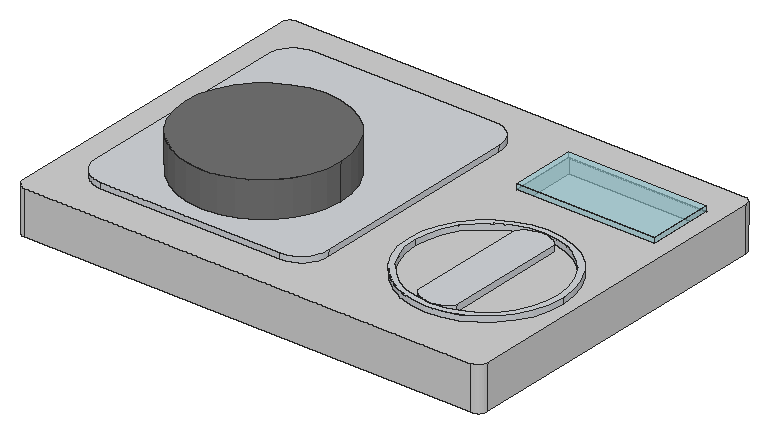
Revit family "Building-ConnessioniIEC309-GEWISS-44IB-PRESE-INTERBLOCCATE_IP44_SENZA_FONDO", category Apparecchi elettrici, host Superficie, Revit 2019
Family settings
  Host = Superficie
  Mantenere orientamento annotazione = Sì
  Quota connettore circolare = Usa diametro
  Tipo di parte = Normale
  Taglio con vuoti quando caricato = No
  Condiviso = No
  Punto di calcolo locali = Sì
Parameters (values of type "GW66122 - PRESA BL.OR.S.F.3P+N+T 32A 500V 7H SBF")
  visibilita posizionamento 2d [instance] = yes
  simbolo acceso [instance] = yes
  oggetto in pianta [instance] = not(visibilita posizionamento 2d)  # no
  distanza_simbolo [instance] = 1 mm
  distanza dal piano [instance] = 10 mm
  W = 115 mm  # constant formula
  Voltaggio = 0 V
  Versione file RFA = "21.4"
  VETRO = Vetro
  URL = "https://www.gewiss.com/it/it"
  Tipologia = "Orizzontale"
  Termopressione con biglia = "125 °C"
  Tensione nominale = "480-500V"
  Temperatura di utilizzo = "-25 +40 °C"
  Temperatura di funzionamento = "-25 ÷ +40 °C"
  Spostamento_effettivo_S [instance] = 4000 mm - Spostamento_S  # 3500 mm
  Spostamento_S = 500 mm
  Simbolo circuito [instance] = not(simbolo acceso)  # no
  Scheda Tecnica = "https://www.gewiss.com/it/it/search?q=GW66122"
  STRUTTURA ALTA = blue
  STRUTTURA = RAL - 7035
  SEO = "Presa"
  Riferimento h = "7"
  Resistenza agli urti = "IK08"
  Protezione = "NO (SBF)"
  Default Elevation = 1219.2 mm
  Produttore = "GEWISS S.p.A."
  PRESA = Giallo
  POMELLO = bianco
  Numero di poli = "3P+N+T"
  N_poli = 1
  N. poli = "3P+N+T"
  Modello = "GW66122"
  L = 155 mm  # constant formula
  Immagine tipo = IP44.jpg
  IDT = "ec1a1901-e242-435b-8cd0-c029da0151fc"
  IDF = "b5e108ce-eac4-4d9b-86d5-12d88718e221"
  Grado di protezione = "IP44"
  Glow wire test: = "850 °C (Parti attive) - 650 °C (Parti passive)"
  Glow Wire Test = "850 °C (Parti attive) - 650 °C (Parti passive)"
  Frequenza nominale (Hz) = "50/60 Hz"
  Frequenza = "50/60 Hz"
  FORMULA = 1000 mm * 1  # 1000 mm
  Descrizione = "PRESA BL.OR.S.F.3P+N+T 32A 500V 7H SBF"
  Creato da GEWISS S.p.A. = ""
  Corrente nominale (In) = "32"
  Corrente nominale (A) = "32"
  Con fondo = "No"
  Colore: = "Nero"
  Colore = "Nero"
  Codice Electrocod = "2220"
  Codice EAN = "8011564029286"
  Catalogo Serie = "44 IB"
  Catalogo = "BUILDING"
  COBie.Tagnumber = ""
  COBie.CreatedOn = ""
  COBie.CreatebBy = ""
  COBie.ComponentRegisterItemID = ""
  COBie.Component.TagNumber = ""
  COBie.Component.Space = ""
  COBie.Component.SerialNumber = ""
  COBie.Component.InstallationDate = ""
  COBie.Component.Description = ""
  COBie.Component.BarCode = ""
  BLOCCO = "B=C"
Types (22, lengths in mm): name | Tensione nominale | Scheda Tecnica | Riferimento h | Numero di poli | N. poli | Modello | IDT | Descrizione | Corrente nominale (In) | Corrente nominale (A) | Colore: | Colore | Codice EAN
  GW66101 - PRESA BL.OR.S.F.2P+T 16A 110V 4H SBF | "100-130V" | "https://www.gewiss.com/it/it/search?q=GW66101" | "4" | "2P+T" | "2P+T" | "GW66101" | "2c57154b-6e8f-4376-a74e-49afbf6dba93" | "PRESA BL.OR.S.F.2P+T 16A 110V 4H SBF" | "16" | "16" | "Giallo" | "Giallo" | "8011564029071"
  GW66102 - PRESA BL.OR.S.F.3P+T 16A 110V 4H SBF | "100-130V" | "https://www.gewiss.com/it/it/search?q=GW66102" | "4" | "3P+T" | "3P+T" | "GW66102" | "2e4dcdfe-6199-4545-9901-9bd4a19a4244" | "PRESA BL.OR.S.F.3P+T 16A 110V 4H SBF" | "16" | "16" | "Giallo" | "Giallo" | "8011564029088"
  GW66103 - PRESA BL.OR.S.F.3P+N+T 16A 110V 4H SBF | "100-130V" | "https://www.gewiss.com/it/it/search?q=GW66103" | "4" | "3P+N+T" | "3P+N+T" | "GW66103" | "0e5336a2-8baf-4959-8192-12b888eb230a" | "PRESA BL.OR.S.F.3P+N+T 16A 110V 4H SBF" | "16" | "16" | "Giallo" | "Giallo" | "8011564029095"
  GW66104 - PRESA BL.OR.S.F.2P+T 16A 230V 6H SBF | "200-250V" | "https://www.gewiss.com/it/it/search?q=GW66104" | "6" | "2P+T" | "2P+T" | "GW66104" | "faebfb30-8dbf-4413-992a-bb2ae1c264e7" | "PRESA BL.OR.S.F.2P+T 16A 230V 6H SBF" | "16" | "16" | "Blu" | "Blu" | "8011564029101"
  GW66105 - PRESA BL.OR.S.F.3P+T 16A 230V 9H SBF | "200-250V" | "https://www.gewiss.com/it/it/search?q=GW66105" | "9" | "3P+T" | "3P+T" | "GW66105" | "81b5f5ee-9308-41bc-b5f0-8b8ad92b0aaa" | "PRESA BL.OR.S.F.3P+T 16A 230V 9H SBF" | "16" | "16" | "Blu" | "Blu" | "8011564029118"
  GW66106 - PRESA BL.OR.S.F.3P+N+T 16A 230V 9H SBF | "200-250V" | "https://www.gewiss.com/it/it/search?q=GW66106" | "9" | "3P+N+T" | "3P+N+T" | "GW66106" | "3ba0a6b4-9b79-41e2-859e-a0e4b9216ad2" | "PRESA BL.OR.S.F.3P+N+T 16A 230V 9H SBF" | "16" | "16" | "Blu" | "Blu" | "8011564029125"
  GW66107 - PRESA BL.OR.S.F.2P+T 16A 400V 9H SBF | "380-415V" | "https://www.gewiss.com/it/it/search?q=GW66107" | "9" | "2P+T" | "2P+T" | "GW66107" | "2c082bb2-9b14-4527-90ca-9b3a4cddb2d8" | "PRESA BL.OR.S.F.2P+T 16A 400V 9H SBF" | "16" | "16" | "Rosso" | "Rosso" | "8011564029132"
  GW66108 - PRESA BL.OR.S.F.3P+T 16A 400V 6H SBF | "380-415V" | "https://www.gewiss.com/it/it/search?q=GW66108" | "6" | "3P+T" | "3P+T" | "GW66108" | "af3b7597-9b04-4bd2-8853-f24eeaf5e48f" | "PRESA BL.OR.S.F.3P+T 16A 400V 6H SBF" | "16" | "16" | "Rosso" | "Rosso" | "8011564029149"
  GW66109 - PRESA BL.OR.S.F.3P+N+T 16A 400V 6H SBF | "380-415V" | "https://www.gewiss.com/it/it/search?q=GW66109" | "6" | "3P+N+T" | "3P+N+T" | "GW66109" | "fc1599a9-e022-48eb-bcb1-8fa93df7b1e3" | "PRESA BL.OR.S.F.3P+N+T 16A 400V 6H SBF" | "16" | "16" | "Rosso" | "Rosso" | "8011564029156"
  GW66110 - PRESA BL.OR.S.F.3P+T 16A 500V 7H SBF | "480-500V" | "https://www.gewiss.com/it/it/search?q=GW66110" | "7" | "3P+T" | "3P+T" | "GW66110" | "e0f76f22-e4a4-4e83-9e50-8da0e47f48b1" | "PRESA BL.OR.S.F.3P+T 16A 500V 7H SBF" | "16" | "16" | "Nero" | "Nero" | "8011564029163"
  GW66111 - PRESA BL.OR.S.F.3P+N+T 16A 500V 7H SBF | "480-500V" | "https://www.gewiss.com/it/it/search?q=GW66111" | "7" | "3P+N+T" | "3P+N+T" | "GW66111" | "903b2cdf-f064-43a9-9ae1-8c35cb1cb176" | "PRESA BL.OR.S.F.3P+N+T 16A 500V 7H SBF" | "16" | "16" | "Nero" | "Nero" | "8011564029170"
  GW66112 - PRESA BL.OR.S.F.2P+T 32A 110V 4H SBF | "100-130V" | "https://www.gewiss.com/it/it/search?q=GW66112" | "4" | "2P+T" | "2P+T" | "GW66112" | "749920ba-19e1-47a4-a17a-b0e2217c7bad" | "PRESA BL.OR.S.F.2P+T 32A 110V 4H SBF" | "32" | "32" | "Giallo" | "Giallo" | "8011564029187"
  GW66113 - PRESA BL.OR.S.F.3P+T 32A 110V 4H SBF | "100-130V" | "https://www.gewiss.com/it/it/search?q=GW66113" | "4" | "3P+T" | "3P+T" | "GW66113" | "c88273c0-7f52-4e46-a9a1-7f2195d0b7ec" | "PRESA BL.OR.S.F.3P+T 32A 110V 4H SBF" | "32" | "32" | "Giallo" | "Giallo" | "8011564029194"
  GW66114 - PRESA BL.OR.S.F.3P+N+T 32A 110V 4H SBF | "100-130V" | "https://www.gewiss.com/it/it/search?q=GW66114" | "4" | "3P+N+T" | "3P+N+T" | "GW66114" | "2264f94a-7d95-4e36-bee5-84696e94de13" | "PRESA BL.OR.S.F.3P+N+T 32A 110V 4H SBF" | "32" | "32" | "Giallo" | "Giallo" | "8011564029200"
  GW66115 - PRESA BL.OR.S.F.2P+T 32A 230V 6H SBF | "200-250V" | "https://www.gewiss.com/it/it/search?q=GW66115" | "6" | "2P+T" | "2P+T" | "GW66115" | "47a8f7f1-c2bc-428f-a89f-26416ded35eb" | "PRESA BL.OR.S.F.2P+T 32A 230V 6H SBF" | "32" | "32" | "Blu" | "Blu" | "8011564029217"
  GW66116 - PRESA BL.OR.S.F.3P+T 32A 230V 9H SBF | "200-250V" | "https://www.gewiss.com/it/it/search?q=GW66116" | "9" | "3P+T" | "3P+T" | "GW66116" | "20c6167c-6b5c-4afd-aac7-f67b2c8f6ac6" | "PRESA BL.OR.S.F.3P+T 32A 230V 9H SBF" | "32" | "32" | "Blu" | "Blu" | "8011564029224"
  GW66117 - PRESA BL.OR.S.F.3P+N+T 32A 230V 9H SBF | "200-250V" | "https://www.gewiss.com/it/it/search?q=GW66117" | "9" | "3P+N+T" | "3P+N+T" | "GW66117" | "47a486cd-2530-4901-b8a5-b20901af88fe" | "PRESA BL.OR.S.F.3P+N+T 32A 230V 9H SBF" | "32" | "32" | "Blu" | "Blu" | "8011564029231"
  GW66118 - PRESA BL.OR.S.F.2P+T 32A 400V 9H SBF | "380-415V" | "https://www.gewiss.com/it/it/search?q=GW66118" | "9" | "2P+T" | "2P+T" | "GW66118" | "d1a211ec-03be-4af2-b4f9-57595c497a65" | "PRESA BL.OR.S.F.2P+T 32A 400V 9H SBF" | "32" | "32" | "Rosso" | "Rosso" | "8011564029248"
  GW66119 - PRESA BL.OR.S.F.3P+T 32A 400V 6H SBF | "380-415V" | "https://www.gewiss.com/it/it/search?q=GW66119" | "6" | "3P+T" | "3P+T" | "GW66119" | "a2350075-c39d-4262-98a6-6289c475db69" | "PRESA BL.OR.S.F.3P+T 32A 400V 6H SBF" | "32" | "32" | "Rosso" | "Rosso" | "8011564029255"
  GW66120 - PRESA BL.OR.S.F.3P+N+T 32A 400V 6H SBF | "380-415V" | "https://www.gewiss.com/it/it/search?q=GW66120" | "6" | "3P+N+T" | "3P+N+T" | "GW66120" | "5a64aadd-fef6-49dc-9dc0-17085a4eb21a" | "PRESA BL.OR.S.F.3P+N+T 32A 400V 6H SBF" | "32" | "32" | "Rosso" | "Rosso" | "8011564029262"
  GW66121 - PRESA BL.OR.S.F.3P+T 32A 500V 7H SBF | "480-500V" | "https://www.gewiss.com/it/it/search?q=GW66121" | "7" | "3P+T" | "3P+T" | "GW66121" | "557280e8-54a0-4450-88e5-b21a67709d85" | "PRESA BL.OR.S.F.3P+T 32A 500V 7H SBF" | "32" | "32" | "Nero" | "Nero" | "8011564029279"
  GW66122 - PRESA BL.OR.S.F.3P+N+T 32A 500V 7H SBF | "480-500V" | "https://www.gewiss.com/it/it/search?q=GW66122" | "7" | "3P+N+T" | "3P+N+T" | "GW66122" | "ec1a1901-e242-435b-8cd0-c029da0151fc" | "PRESA BL.OR.S.F.3P+N+T 32A 500V 7H SBF" | "32" | "32" | "Nero" | "Nero" | "8011564029286"
Reference planes
  plane 1 "Centro (Fronte/Retro)": y = 0
  plane 2: z = 0
  plane 3 "Centro (Sinistra/Destra)": x = 0
  plane 4: x = -3000
  plane 5: x = 500
  plane 6: through (-313.07, 66.247, 1219.2) normal (0.9397, -0.342, 0)
  plane 7: through (-499.796, -177.063, 1219.2) normal (0.342, 0.9397, 0)
  plane 8: through (528.128, 342.051, 1219.2) normal (0.9397, -0.342, 0)
  plane 9: x = -77.5
  plane 10: x = 77.5
  plane 11: y = -57.5
  plane 12: y = 57.5
  plane 13: z = 10
Forms (mm)
  Extrusion 1, solid, detail levels coarse
    sketch origin (-117, 0, 0) x (1, 0, 0) y (0, 1, 0)
      loop
        line (39.5, 57.5) -> (39.5, -57.5) -> (194.5, -57.5) -> (194.5, 57.5) -> (39.5, 57.5)
    from 10 to 37
Lines and regions (mm)
  symbolic lines, visible <- "visibilita posizionamento 2d"
    curve 1: line (-77.5, 0, 10.956) -> (-77.5, 0, 34.5)
    curve 2: line (-77.5, 0, 34.5) -> (77.5, 0, 34.5)
    curve 3: line (77.5, 0, 34.5) -> (77.5, 0, 10.956)
  symbolic lines, visible <- "visibilita posizionamento 2d", not visible
    curve 4: line (-77.5, 0, 0.956) -> (-77.5, 0, 24.5)
    curve 5: line (-77.5, 0, 24.5) -> (77.5, 0, 24.5)
    curve 6: line (77.5, 0, 24.5) -> (77.5, 0, 0.956)
  symbolic lines
    curve 7: line (-77.5, 0, 10.956) -> (77.5, 0, 10.956)
  symbolic lines, not visible
    curve 8: line (-77.5, 0, 0.956) -> (77.5, 0, 0.956)
Text (mm)
  text "B=C*D" at (190.064, 99.613, 0), in view "Livello rif."
Dimensions and locks
  plane 4 to plane 3 "Centro (Sinistra/Destra)" = 3000 mm
  "Spostamento_effettivo_S": plane 4 to plane 5
  equal spacing: plane 9, plane 3 "Centro (Sinistra/Destra)", plane 10
  equal spacing: plane 12, plane 1 "Centro (Fronte/Retro)", plane 11
  "L": plane 9 to plane 10
  "W": plane 12 to plane 11
  "distanza dal piano": plane 13 to plane 2
  angle plane 6 to plane 5 = 20.00°
  angle plane 7 to plane 1 "Centro (Fronte/Retro)" = 20.00°
  angle plane 8 to plane 7 = 90.00°
  aligned and locked: plane 2 to host face
  aligned and locked: level to host face
  aligned and locked: nested 1 to plane 5
  aligned and locked: plane 1 "Centro (Fronte/Retro)" to nested 2
  aligned and locked: plane 9 to Extrusion 1
  aligned and locked: Extrusion 1 to plane 10
  aligned and locked: plane 12 to Extrusion 1
  aligned and locked: Extrusion 1 to plane 11
  aligned and locked: Extrusion 1 to plane 13
  aligned and locked: plane 3 "Centro (Sinistra/Destra)" to nested 2
  aligned and locked: plane 5 to nested 3
  aligned and locked: Extrusion 1 to nested 2
  aligned and locked: curve 1 to plane 9
  aligned and locked: plane 10 to curve 3
Automatic sketch dimensions
  host sketch curve to host sketch curve = 2438.4 mm  (x2)
  Extrusion 1 sketch curve to plane 3 "Centro (Sinistra/Destra)" = 77.5 mm
  plane 3 "Centro (Sinistra/Destra)" to Extrusion 1 sketch curve = 77.5 mm
  plane 1 "Centro (Fronte/Retro)" to Extrusion 1 sketch curve = 57.5 mm
  Extrusion 1 sketch curve to plane 1 "Centro (Fronte/Retro)" = 57.5 mm
  curve 3 to curve 2 = 23.544 mm
  curve 1 to curve 3 = 155 mm
  curve 6 to curve 5 = 23.544 mm
  curve 4 to curve 6 = 155 mm
Nested families
  nested 1: "PRESAINDPFUS" at (500, 247.795, 0), SIMBOLO ACCESO <- "simbolo acceso", Distanza dal muro <- "distanza_simbolo", visible <- "simbolo acceso", type "3P"
    with SIMBOLO ACCESO yes, Distanza dal muro 1 mm, BORDO ACCESO yes
  nested 2: "base_44IB PRESE INTERBLOC ORIZ NO FONDO IP44" at (0, 0, 10), type "base_44IB PRESE INTERBLOC ORIZ NO FONDO IP44", detail levels medium+fine
  nested 3: "simbolo_circuitoGW66201N" at (500.924, 249.682, 0), Distanza dal muro <- "distanza_simbolo", visible <- "Simbolo circuito", type "3P"
    with SIMBOLO ACCESO yes, Distanza dal muro 1 mm, BORDO ACCESO yes
Connectors
  electrical at (0, -57.5, 23.5), driven by "N_poli", driven by "Voltaggio"
    settings: on Extrusion 1, index 1, voltage 0 V, apparent load 0 VA, apparent load phase1 0 VA, apparent load phase2 0 VA, apparent load phase3 0 VA, power factor 1, load classification "Altro", number of poles 1, system type 31, power factor state 1, is connector primary yes, connector utility no, sub classification motor no, connector description ""
Definition of nested family "base_44IB PRESE INTERBLOC ORIZ NO FONDO IP44"
  Parameters (values of type "base_44IB PRESE INTERBLOC ORIZ NO FONDO IP44")
    Vetro = none
    Struttura = none
    Spessore = 160 mm
    Default Elevation = 14 mm
    Presa = none
    Lunghezza = 155 mm  # constant formula
    IFC.TypeObject = ""
    IFC.ExportType = ""
    IFC.ExportAs = ""
    H_da terra = 586.883 mm
    COBie.CreatedOn = ""
    COBie.CreatebBy = ""
    COBie.ComponentRegisterItemID = ""
    COBie.Component.TagNumber = ""
    COBie.Component.Space = ""
    COBie.Component.SerialNumber = ""
    COBie.Component.InstallationDate = ""
    COBie.Component.Description = ""
    COBie.Component.BarCode = ""
    Altezza = 115 mm  # constant formula
  Reference planes
    plane 1 "Centro (Fronte/Retro)": y = 0
    plane 2: z = 0
    plane 3 "Centro (Sinistra/Destra)": x = 0
    plane 4: z = 27
    plane 5: x = -74.75
    plane 6: x = -77.5
    plane 7: x = 74.75
    plane 8: x = 77.5
    plane 9: y = 57.5
    plane 10: y = -57.5
    plane 11: y = 42.91
    plane 12: y = 21.876
    plane 13: y = -42.91
    plane 14: x = 9.502
    plane 15: x = -65.25
    plane 16: x = -28.836
    plane 17: y = -12.5
    plane 18: z = 0
    plane 19: z = 15.758
    plane 20: z = 14
    plane 21: z = 9.424
  Forms (mm)
    Extrusion 1, solid, material <- "Struttura"
      sketch origin (0, -661.883, 0) x (1, 0, 0) y (0, 1, 0)
        loop
          line (-74.75, 713.634) -> (-74.75, 610.133)
          arc (-74.75, 610.133) -> (-73.872, 608.012) -> (-71.751, 607.133) r 3
          line (-71.751, 607.133) -> (71.751, 607.133)
          arc (71.751, 607.133) -> (73.872, 608.012) -> (74.75, 610.133) r 3
          line (74.75, 610.133) -> (74.75, 713.634)
          arc (74.75, 713.634) -> (73.872, 715.755) -> (71.751, 716.633) r 3
          line (71.751, 716.633) -> (-71.751, 716.633)
          arc (-71.751, 716.633) -> (-73.872, 715.755) -> (-74.75, 713.634) r 3
      from 0 to 14
    Extrusion 2, solid
      sketch origin (15.318, -702.206, 0) x (1, 0, 0) y (0, 1, 0)
        loop
          circle (30.751, 685.605) r 24.739
        loop
          circle (30.751, 685.605) r 22.94
      from 14 to 15.758
    Extrusion 3, solid
      sketch origin (-5.886, -706.709, 0) x (1, 0, 0) y (0, 1, 0)
        loop
          arc (45.579, 670.621) -> (51.876, 667.405) -> (58.173, 670.621) r 7.774
          line (58.173, 670.621) -> (58.173, 709.539)
          arc (58.173, 709.539) -> (51.876, 712.754) -> (45.579, 709.539) r 7.774
          line (45.579, 709.539) -> (45.579, 670.621)
      from 14 to 15.758
    Extrusion 4, solid
      sketch origin (0, -674.005, 0) x (1, 0, 0) y (0, 1, 0)
        loop
          line (-24.677, 717.125) -> (-56.674, 716.915)
          arc (-56.674, 716.915) -> (-62.738, 714.403) -> (-65.25, 708.339) r 8.576
          line (-65.25, 708.339) -> (-65.25, 639.666)
          arc (-65.25, 639.666) -> (-62.74, 633.606) -> (-56.68, 631.096) r 8.57
          line (-56.68, 631.096) -> (0.692, 631.096)
          arc (0.692, 631.096) -> (6.921, 633.676) -> (9.502, 639.905) r 8.81
          line (9.502, 639.905) -> (9.502, 708.235)
          arc (9.502, 708.235) -> (6.898, 714.521) -> (0.611, 717.125) r 8.89
          line (0.611, 717.125) -> (-24.677, 717.125)
      from 14 to 15.758
    Extrusion 5, solid, material <- "Presa"
      sketch origin (0, -677.755, 0) x (1, 0, 0) y (0, 1, 0)
        loop
          circle (-28.836, 665.255) r 25
      from 14 to 27
    Extrusion 6, void
      sketch origin (0, -661.883, 0) x (1, 0, 0) y (0, 1, 0)
        loop
          line (69.272, 704.793) -> (25, 704.793) -> (25, 683.759) -> (69.272, 683.759) -> (69.272, 704.793)
      from 9.424 to 14
    Extrusion 7, solid, material <- "Vetro"
      sketch origin (3.168, -571.883, 0) x (1, 0, 0) y (0, 1, 0)
        loop
          line (21.832, 614.793) -> (21.832, 593.759) -> (66.104, 593.759) -> (66.104, 614.793) -> (21.832, 614.793)
      from 14 to 15.758
  Cuts and joins
    Extrusion 6 cuts Extrusion 1
  Dimensions and locks
    locked: plane 6 to plane 5 at 2.75
    locked: plane 7 to plane 8 at 2.75
    "Lunghezza": plane 6 to plane 8
    equal spacing: plane 10, plane 1 "Centro (Fronte/Retro)", plane 9
    equal spacing: plane 6, plane 3 "Centro (Sinistra/Destra)", plane 8
    locked: plane 11 to plane 12 at 21.034
    equal spacing: plane 11, plane 1 "Centro (Fronte/Retro)", plane 13
    plane 11 to plane 13 = 85.819 mm
    plane 10 to plane 17 = 45 mm
    plane 18 to level = 0 mm
    locked: plane 18 to plane 20 at 14
    locked: plane 20 to plane 4 at 13
    plane 18 to plane 4 = 27 mm
    locked: plane 20 to plane 19 at 1.758
    locked: plane 21 to plane 20 at 4.576
    aligned and locked: level to plane 2
    aligned and locked: Extrusion 2 to Extrusion 1
    aligned and locked: Extrusion 6 sketch curve to Extrusion 7
    aligned and locked: cut or joined group of Extrusion 1, Extrusion 6 to Extrusion 7
    aligned and locked: Extrusion 7 sketch curve to plane 11
    aligned and locked: plane 12 to Extrusion 7 sketch curve
    aligned and locked: Extrusion 4 sketch curve to plane 13
    aligned and locked: plane 15 to Extrusion 4 sketch curve
    aligned and locked: Extrusion 4 sketch curve to plane 14
    aligned and locked: plane 17 to Extrusion 5 sketch curve
    aligned and locked: plane 16 to Extrusion 5 sketch curve
    aligned and locked: plane 11 to Extrusion 6 sketch curve
    aligned and locked: cut or joined group of Extrusion 1, Extrusion 6 to plane 20
    aligned and locked: plane 18 to cut or joined group of Extrusion 1, Extrusion 6
    aligned and locked: plane 20 to Extrusion 4
    aligned and locked: plane 20 to Extrusion 3
    aligned and locked: plane 20 to Extrusion 5
    aligned and locked: Extrusion 3 to plane 19
    aligned and locked: Extrusion 2 to plane 19
    aligned and locked: plane 4 to Extrusion 5
    aligned and locked: Extrusion 1 to Extrusion 6
    aligned and locked: Extrusion 4 to Extrusion 7
    aligned and locked: Extrusion 2 to Extrusion 7
    aligned and locked: plane 21 to cut or joined group of Extrusion 1, Extrusion 6
    aligned and locked: Extrusion 4 to plane 19
  Automatic sketch dimensions
    Extrusion 1 sketch curve to plane 5 = 0 mm
    Extrusion 1 sketch curve to plane 7 = 0 mm
    Extrusion 1 sketch curve to plane 5 = 3 mm  (x2)
    Extrusion 1 sketch curve to Extrusion 1 sketch curve = 3 mm
    plane 7 to Extrusion 1 sketch curve = 3 mm
    Extrusion 1 sketch curve to plane 10 = 2.75 mm
    plane 9 to Extrusion 1 sketch curve = 5.749 mm
    Extrusion 2 sketch curve to Extrusion 2 sketch curve = 0 mm  (x2)
    plane 7 to Extrusion 2 sketch curve = 28.681 mm
    plane 9 to Extrusion 2 sketch curve = 74.101 mm
    Extrusion 4 sketch curve to Extrusion 4 sketch curve = 8.57 mm
    Extrusion 4 sketch curve to Extrusion 4 sketch curve = 8.576 mm
    Extrusion 4 sketch curve to Extrusion 4 sketch curve = 8.81 mm
    Extrusion 4 sketch curve to Extrusion 4 sketch curve = 8.89 mm
    plane 3 "Centro (Sinistra/Destra)" to Extrusion 6 sketch curve = 25 mm
    plane 3 "Centro (Sinistra/Destra)" to Extrusion 7 sketch curve = 25 mm
    plane 7 to Extrusion 7 sketch curve = 5.478 mm
    Extrusion 4 sketch curve to plane 11 = 0 mm
    Extrusion 4 sketch curve to plane 11 = 8.68 mm
    Extrusion 4 sketch curve to plane 3 "Centro (Sinistra/Destra)" = 24.677 mm
    Extrusion 3 sketch curve to plane 13 = 6.821 mm  (x2)
    plane 14 to Extrusion 3 sketch curve = 30.191 mm
    Extrusion 3 sketch curve to Extrusion 3 sketch curve = 6.297 mm  (x2)
    plane 1 "Centro (Fronte/Retro)" to Extrusion 3 sketch curve = 1.729 mm
    Extrusion 3 sketch curve to Extrusion 3 sketch curve = 4.559 mm
    Extrusion 3 sketch curve to plane 1 "Centro (Fronte/Retro)" = 2.83 mm
    Extrusion 6 sketch curve to plane 12 = 0 mm
    radius of Extrusion 2 sketch curve = 24.739 mm
    radius of Extrusion 2 sketch curve = 22.94 mm
    radius of Extrusion 5 sketch curve = 25 mm
Definition of nested family "PRESAINDPFUS"
  Parameters (values of type "2P")
    SIMBOLO ACCESO [instance] = yes
    SIMBOLO = PRESAINDPFUS_BASE : 2P
    Distanza dal muro [instance] = 0 mm
    BORDO ACCESO [instance] = yes
  Types (2, lengths in mm): name | SIMBOLO
    2P | PRESAINDPFUS_BASE : 2P
    3P | PRESAINDPFUS_BASE : 3P
  Reference planes
    plane 1: y = 0
    plane 2: x = 0
  Dimensions and locks
    "Distanza dal muro": plane 1 to nested 1
    aligned and locked: plane 2 to nested 1
  Nested families
    nested 1: "PRESAINDPFUS_BASE" at (0, 0, 0), type <- "SIMBOLO", CORNICE SIMBOLO <- "BORDO ACCESO", visible <- "SIMBOLO ACCESO", type "2P"
  Definition of nested family "PRESAINDPFUS_BASE"
    Parameters (values of type "3P")
      CORNICE SIMBOLO [instance] = yes
      3P = yes
    Types (2, lengths in mm): name | 3P
      3P | yes
      2P | no
    Reference planes
      plane 1: y = 0
      plane 2: x = 0
    Lines and regions (mm)
      detail lines, visible <- "CORNICE SIMBOLO"
        curve 1: line (-0.9, 2.4, 0) -> (0.9, 2.4, 0)
        curve 2: line (0.9, 2.4, 0) -> (0.9, 0.1, 0)
        curve 3: line (0.9, 0.1, 0) -> (-0.9, 0.1, 0)
        curve 4: line (-0.9, 0.1, 0) -> (-0.9, 2.4, 0)
      detail lines, not visible
        curve 5: line (-2.443, 10.208, 0) -> (2.057, 10.208, 0)
        curve 6: line (2.057, 10.208, 0) -> (2.057, 4.208, 0)
        curve 7: line (2.057, 4.208, 0) -> (-2.443, 4.208, 0)
        curve 8: line (-2.443, 4.208, 0) -> (-2.443, 10.208, 0)
        curve 9: line (-2.043, 9.808, 0) -> (1.657, 9.808, 0)
        curve 10: line (1.657, 9.808, 0) -> (1.657, 4.608, 0)
        curve 11: line (1.657, 4.608, 0) -> (-2.043, 4.608, 0)
        curve 12: line (-2.043, 4.608, 0) -> (-2.043, 9.808, 0)
      detail lines
        curve 13: line (-0.45, 1.069, 0) -> (-0.167, 1.069, 0)
        curve 14: line (-0.167, 1.069, 0) -> (0.33, 1.929, 0)
        curve 15: line (0.33, 1.929, 0) -> (0.836, 1.636, 0)
        curve 16: line (-0.167, 1.069, 0) -> (-0.45, 0.578, 0)
        curve 17: line (-0.45, 0.578, 0) -> (-0.45, 2.341, 0)
        curve 18: line (0.135, 1.591, 0) -> (0.641, 1.299, 0)
        curve 19: line (-0.84, 0.578, 0) -> (-0.06, 0.578, 0)
        curve 20: line (-0.45, 0.952, 0) -> (-0.333, 1.069, 0)
        curve 21: line (-0.45, 0.883, 0) -> (-0.264, 1.069, 0)
        curve 22: line (-0.45, 0.814, 0) -> (-0.195, 1.069, 0)
        curve 23: line (-0.45, 0.745, 0) -> (-0.223, 0.972, 0)
        curve 24: line (-0.45, 0.676, 0) -> (-0.317, 0.809, 0)
        curve 26: arc (-0.84, 0.189, 0) -> (-0.45, 0.578, 0) -> (-0.06, 0.189, 0) r 0.39
        curve 27: line (-0.608, 1.243, 0) -> (-0.608, 2.064, 0)
        curve 28: line (-0.608, 2.064, 0) -> (-0.292, 2.064, 0)
        curve 29: line (-0.292, 2.064, 0) -> (-0.292, 1.243, 0)
        curve 30: line (-0.292, 1.243, 0) -> (-0.608, 1.243, 0)
      detail lines, visible <- "3P"
        curve 25: line (-0.06, 1.254, 0) -> (0.446, 0.961, 0)
Definition of nested family "simbolo_circuitoGW66201N"
  Parameters (values of type "3P")
    SIMBOLO ACCESO [instance] = yes
    SIMBOLO = PRESAINDSTAGNA_BASE : 3P
    Distanza dal muro [instance] = 0 mm
    BORDO ACCESO [instance] = yes
  Reference planes
    plane 1: y = 0
    plane 2: x = 0
  Dimensions and locks
    "Distanza dal muro": plane 1 to nested 1
    aligned and locked: plane 2 to nested 1
  Nested families
    nested 1: "GW66201N-simb_base_di circuito" at (0, 0, 0), visible <- "SIMBOLO ACCESO", type "3P"
      with CORNICE SIMBOLO yes
  Definition of nested family "GW66201N-simb_base_di circuito"
    Parameters (values of type "3P")
      CORNICE SIMBOLO [instance] = yes
      3P = yes
    Types (2, lengths in mm): name | 3P
      3P | yes
      2P | no
    Reference planes
      plane 1: y = 0
      plane 2: x = 0
    Lines and regions (mm)
      detail lines, not visible
        curve 1: line (-2.443, 10.208, 0) -> (2.057, 10.208, 0)
        curve 2: line (2.057, 10.208, 0) -> (2.057, 4.208, 0)
        curve 3: line (2.057, 4.208, 0) -> (-2.443, 4.208, 0)
        curve 4: line (-2.443, 4.208, 0) -> (-2.443, 10.208, 0)
        curve 5: line (-2.043, 9.808, 0) -> (1.657, 9.808, 0)
        curve 6: line (1.657, 9.808, 0) -> (1.657, 4.608, 0)
        curve 7: line (1.657, 4.608, 0) -> (-2.043, 4.608, 0)
        curve 8: line (-2.043, 4.608, 0) -> (-2.043, 9.808, 0)
    Dimensions and locks
      aligned and locked: import instance to plane 2
      aligned and locked: plane 1 to import instance
